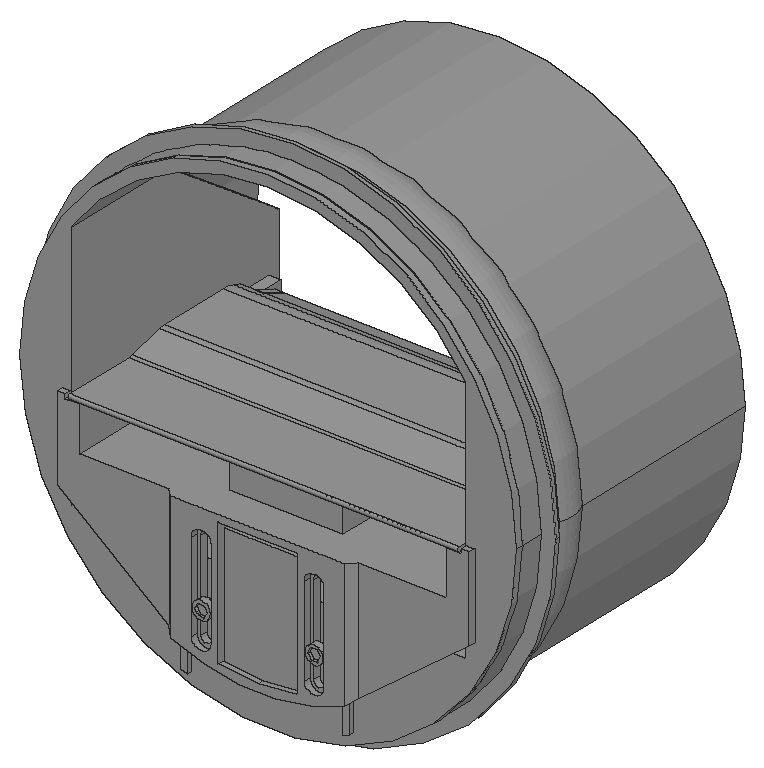
Revit family "CR 6 Inch Diameter", category Mechanical Equipment, Revit 2015
Parameters
  URL = "http://unitedenertech.com/catalog/pdf/L_2B,C%20Model%20CR.pdf"
  Type Comments = "6\" Diameter Model"
  Model = "CR"
  Manufacturer = "United Enertech Corporation"
  Description = "Precision/Flow Damper"
  Damper O.D. = 0' - 5.90095"
Reference planes (in)
  plane 1 "Center (Front/Back)": y = 0
  plane 2: z = 0
  plane 3 "Center (Left/Right)": x = 0
  plane 4: x = 2.95048
  plane 5: x = -2.95048
Forms (in)
  Extrusion 1, solid, material "Plastic, Opaque Black"
    sketch origin (0, 0, 0) x (1, 0, 0) y (0, 0, 1)
      loop
        circle (0, 0) r 2.95048
    from 0 to -1.45
  Extrusion 2, void
    sketch origin (0, 0, 0) x (1, 0, 0) y (0, 0, 1)
      loop
        line (2.34375, 0) -> (2.34375, 1.56595)
        arc (2.34375, 1.56595) -> (1.32879, 2.4859) -> (0, 2.81875) r 2.81875
        arc (0, 2.81875) -> (-1.32879, 2.4859) -> (-2.34375, 1.56595) r 2.81875
        line (-2.34375, 1.56595) -> (-2.34375, -1.38375) -> (0, -1.38375) -> (2.34375, -1.38375) -> (2.34375, 0)
    from 0 to -3.83307
  Extrusion 3, solid, material "Plastic, Opaque Black"
    sketch origin (0, 0, 0) x (0, 1, 0) y (0, 0, 1)
      loop
        line (1.45, 1.56595) -> (1.45, -1.63375) -> (2.675, -1.63375) -> (3.075, -1.23375) -> (3.075, 0.41595) -> (1.45, 1.56595)
    from 2.34375 to 2.42375
  Extrusion 4, solid, material "Plastic, Opaque Black"
    sketch origin (0, 0, 0) x (0, 1, 0) y (0, 0, -1)
      loop
        line (1.45, -1.56595) -> (3.075, -0.41595) -> (3.075, 1.23375) -> (2.675, 1.63375) -> (1.45, 1.63375) -> (1.45, -1.56595)
    from 2.34375 to 2.42375
  Extrusion 5, solid, material "Plastic, Opaque Black"
    sketch origin (0, 0, 0) x (0, 1, 0) y (0, 0, 1)
      loop
        line (1.45, -1.63375) -> (2.675, -1.63375) -> (2.675, -1.38375) -> (1.45, -1.38375) -> (1.45, -1.63375)
    from 2.34375 to -2.34375
  Extrusion 6, void
    sketch origin (0, 0, 0) x (1, 0, 0) y (0, 0, 1)
      loop
        line (-2.42375, 1.56595) -> (-2.42375, 1.67066)
        arc (-2.42375, 1.67066) -> (-2.84696, -0.74864) -> (-1.28843, -2.64681) r 2.94375
        arc (-1.28843, -2.64681) -> (2.23212, -1.91919) -> (2.42375, 1.67066) r 2.94375
        line (2.42375, 1.67066) -> (2.42375, -1.63375) -> (-2.42375, -1.63375) -> (-2.42375, 1.56595)
    from -0.31146 to -3.5842
  Extrusion 7, void
    sketch origin (0, 0, 0) x (1, 0, 0) y (0, 0, 1)
      loop
        arc (-2.42375, 1.52225) -> (-2.86213, 0) -> (-2.42375, -1.52225) r 2.86213
        line (-2.42375, -1.52225) -> (-2.42375, 1.52225)
      loop
        line (2.42375, 1.52225) -> (2.42375, -1.52225)
        arc (2.42375, -1.52225) -> (2.86213, 0) -> (2.42375, 1.52225) r 2.86213
      loop
        arc (-2.35004, -1.63375) -> (0, -2.86213) -> (2.35004, -1.63375) r 2.86213
        line (2.35004, -1.63375) -> (-2.35004, -1.63375)
    from -0.085 to -1.45
  Extrusion 8, solid, material "Plastic, Opaque Black"
    sketch origin (0, 0, 0) x (1, 0, 0) y (0, 0, 1)
      loop
        line (-2.44375, -1.17375) -> (-1.02975, -2.27121)
        arc (-1.02975, -2.27121) -> (-0.52676, -2.43748) -> (0, -2.49375) r 2.49375
        arc (0, -2.49375) -> (0.52676, -2.43748) -> (1.02975, -2.27121) r 2.49375
        line (1.02975, -2.27121) -> (2.44375, -1.17375) -> (2.44375, -0.17375) -> (2.35375, -0.17375) -> (2.35375, -0.22375) -> (2.18375, -0.22375) -> (2.18375, -0.75775) -> (-2.18375, -0.75775) -> (-2.18375, -0.22375) -> (-2.35375, -0.22375) -> (-2.35375, -0.17375) -> (-2.44375, -0.17375) -> (-2.44375, -1.17375)
    from 0 to 0.08
  Extrusion 9, solid, material "Plastic, Opaque Black"
    sketch origin (0, 0, 0) x (1, 0, 0) y (0, 0, 1)
      loop
        line (-1.00274, -1.63375) -> (-1.00274, -2.63586)
        arc (-1.00274, -2.63586) -> (-0.96285, -2.65069) -> (-0.92274, -2.66492) r 2.82015
        line (-0.92274, -2.66492) -> (-0.92274, -1.63375) -> (-1.00274, -1.63375)
    from 0 to 0.05168
  Extrusion 10, solid, material "Plastic, Opaque Black"
    sketch origin (0, 0, 0) x (-1, 0, 0) y (0, 0, -1)
      loop
        line (-1.00274, 1.63375) -> (-0.92274, 1.63375) -> (-0.92274, 2.66492)
        arc (-0.92274, 2.66492) -> (-0.96285, 2.65069) -> (-1.00274, 2.63586) r 2.82015
        line (-1.00274, 2.63586) -> (-1.00274, 1.63375)
    from 0 to 0.05168
  Blend 11, solid, material "Plastic, Opaque Black"
    base sketch origin (0, 0, 0) x (1, 0, 0) y (0, 0, 1)
      loop
        arc (-1.02975, -2.27121) -> (0, -2.49375) -> (1.02975, -2.27121) r 2.49375
        line (1.02975, -2.27121) -> (1.02975, -0.75775) -> (-1.02975, -0.75775) -> (-1.02975, -2.27121)
    top sketch origin (0, 0, 0) x (1, 0, 0) y (0, 0, 1)
      loop
        line (-1.02975, -0.75775) -> (-1.11975, -0.75775) -> (-1.11975, -2.20136) -> (-1.02975, -2.27121)
        arc (-1.02975, -2.27121) -> (0, -2.49375) -> (1.02975, -2.27121) r 2.49375
        line (1.02975, -2.27121) -> (1.11975, -2.20136) -> (1.11975, -0.75775) -> (1.02975, -0.75775) -> (-1.02975, -0.75775)
    from 0.16 to 0.08
  Extrusion 12, void
    sketch origin (0, 0, 0) x (1, 0, 0) y (0, 0, 1)
      loop
        line (0, -0.83775) -> (-0.47, -0.83775) -> (-0.47, -2.35225)
        arc (-0.47, -2.35225) -> (-0.23615, -2.3871) -> (0, -2.39875) r 2.39875
        arc (0, -2.39875) -> (0.23615, -2.3871) -> (0.47, -2.35225) r 2.39875
        line (0.47, -2.35225) -> (0.47, -0.83775) -> (0, -0.83775)
    from 0.08 to 0.16
  Extrusion 13, void
    sketch origin (0, 0, 0) x (1, 0, 0) y (0, 0, 1)
      loop
        line (-0.47, -0.83775) -> (-0.47, -0.93775) -> (0.47, -0.93775) -> (0.47, -0.83775) -> (-0.47, -0.83775)
    from 0 to 0.16
  Extrusion 14, void
    sketch origin (0, 0, 0) x (1, 0, 0) y (0, 0, 1)
      loop
        line (-0.738, -1.11125) -> (-0.738, -2.17208)
        arc (-0.738, -2.17208) -> (-0.6705, -2.23958) -> (-0.603, -2.17208) r 0.0675
        line (-0.603, -2.17208) -> (-0.603, -1.11125)
        arc (-0.603, -1.11125) -> (-0.6705, -1.04375) -> (-0.738, -1.11125) r 0.0675
      loop
        arc (0.738, -1.11125) -> (0.6705, -1.04375) -> (0.603, -1.11125) r 0.0675
        line (0.603, -1.11125) -> (0.603, -2.17208)
        arc (0.603, -2.17208) -> (0.6705, -2.23958) -> (0.738, -2.17208) r 0.0675
        line (0.738, -2.17208) -> (0.738, -1.11125)
    from 0 to 0.26809
  Extrusion 15, void
    sketch origin (0, 0, 0) x (1, 0, 0) y (0, 0, 1)
      loop
        line (-0.78878, -1.11125) -> (-0.78878, -2.17208)
        arc (-0.78878, -2.17208) -> (-0.6705, -2.29036) -> (-0.55222, -2.17208) r 0.11828
        line (-0.55222, -2.17208) -> (-0.55222, -1.11125)
        arc (-0.55222, -1.11125) -> (-0.6705, -0.99297) -> (-0.78878, -1.11125) r 0.11828
      loop
        arc (0.78878, -1.11125) -> (0.6705, -0.99297) -> (0.55222, -1.11125) r 0.11828
        line (0.55222, -1.11125) -> (0.55222, -2.17208)
        arc (0.55222, -2.17208) -> (0.6705, -2.29036) -> (0.78878, -2.17208) r 0.11828
        line (0.78878, -2.17208) -> (0.78878, -1.11125)
    from 0.08 to 0.26809
  Extrusion 16, solid, material "Aluminum"
    sketch origin (0, 0, 0.38301) x (1, 0, 0) y (0, 0, 1)
      loop
        circle (-0.6705, -2.23958) r 0.10606
    from 0.08 to 0.16
  Extrusion 17, solid, material "Aluminum"
    sketch origin (0, 0, -0.10606) x (1, 0, 0) y (0, 0, 1)
      loop
        circle (-0.6705, -1.75052) r 0.05796
    from 0 to 0.08
  Extrusion 18, void
    sketch origin (0, 0, 0) x (1, 0, 0) y (0, 0, 1)
      loop
        line (-0.62476, -1.79125) -> (-0.7042, -1.7843) -> (-0.74995, -1.84962) -> (-0.71624, -1.9219) -> (-0.6368, -1.92885) -> (-0.59105, -1.86352) -> (-0.62476, -1.79125)
    from 0.12205 to 0.26809
  Extrusion 19, solid, material "Aluminum"
    sketch origin (0, 0, 0.38301) x (-1, 0, 0) y (0, 0, -1)
      loop
        circle (-0.6705, 2.23958) r 0.10606
    from 0.08 to 0.16
  Extrusion 20, solid, material "Aluminum"
    sketch origin (0, 0, -0.10606) x (-1, 0, 0) y (0, 0, -1)
      loop
        circle (-0.6705, 1.75052) r 0.05796
    from 0 to 0.08
  Extrusion 21, void
    sketch origin (0, 0, 0) x (-1, 0, 0) y (0, 0, -1)
      loop
        line (-0.62476, 1.79125) -> (-0.59105, 1.86352) -> (-0.6368, 1.92885) -> (-0.71624, 1.9219) -> (-0.74995, 1.84962) -> (-0.7042, 1.7843) -> (-0.62476, 1.79125)
    from 0.12205 to 0.26809
  Extrusion 22, solid, material "Plastic, Opaque Black"
    sketch origin (0, 0, 0) x (1, 0, 0) y (0, 1, 0)
      loop
        line (-0.6725, 0.915) -> (-0.6725, 0.265) -> (0.6725, 0.265) -> (0.6725, 0.915) -> (-0.6725, 0.915)
    from -0.75775 to -0.31775
  Extrusion 23, solid, material "Plastic, Opaque Black"
    sketch origin (0, 0, 0) x (1, 0, 0) y (0, 0, 1)
      loop
        line (-2.34375, -0.22375) -> (-2.34375, -1.00775) -> (2.34375, -1.00775) -> (2.34375, -0.75775) -> (2.34375, -0.22375) -> (2.18375, -0.22375) -> (2.18375, -0.75775) -> (-2.18375, -0.75775) -> (-2.18375, -0.22375) -> (-2.34375, -0.22375)
    from -2.91717 to 0
  Extrusion 24, solid, material "Plastic, Opaque Black"
    sketch origin (0, 0, 0) x (0, 1, 0) y (0, 0, 1)
      loop
        arc (-0.05557, -0.17375) -> (-0.07998, -0.19906) -> (-0.05382, -0.22255) r 0.02443
        line (-0.05382, -0.22255) -> (0.82534, -0.22453)
        arc (0.82534, -0.22453) -> (0.8563, -0.22254) -> (0.88675, -0.2166) r 0.24181
        line (0.88675, -0.2166) -> (1.28312, -0.11252)
        arc (1.28312, -0.11252) -> (1.31381, -0.10654) -> (1.34502, -0.10453) r 0.24371
        line (1.34502, -0.10453) -> (2.23036, -0.10453)
        arc (2.23036, -0.10453) -> (2.2978, -0.11001) -> (2.36347, -0.1263) r 0.41795
        line (2.36347, -0.1263) -> (2.44483, -0.15363) -> (2.461, -0.10549) -> (2.37965, -0.07816)
        arc (2.37965, -0.07816) -> (2.306, -0.05989) -> (2.23036, -0.05375) r 0.46873
        line (2.23036, -0.05375) -> (1.34502, -0.05375)
        arc (1.34502, -0.05375) -> (1.30731, -0.05617) -> (1.27023, -0.06341) r 0.29449
        line (1.27023, -0.06341) -> (0.87385, -0.16749)
        arc (0.87385, -0.16749) -> (0.8498, -0.17218) -> (0.82534, -0.17375) r 0.19103
        line (0.82534, -0.17375) -> (-0.05557, -0.17375)
    from -2.31257 to 2.31257
  Extrusion 25, solid, material "Plastic, Opaque Black"
    sketch origin (0, 0, 0) x (0, 1, 0) y (0, 0, 1)
      loop
        line (2.461, -0.10549) -> (2.44483, -0.15363) -> (2.36347, -0.1263)
        arc (2.36347, -0.1263) -> (2.2978, -0.11001) -> (2.23036, -0.10453) r 0.41795
        line (2.23036, -0.10453) -> (1.34502, -0.10453)
        arc (1.34502, -0.10453) -> (1.31381, -0.10654) -> (1.28312, -0.11252) r 0.24371
        line (1.28312, -0.11252) -> (0.88675, -0.2166)
        arc (0.88675, -0.2166) -> (0.86576, -0.22113) -> (0.84446, -0.22377) r 0.24181
        line (0.84446, -0.22377) -> (-0.05382, -0.22255) -> (0.14264, -0.35993) -> (2.3582, -0.35993) -> (2.7537, -0.22375) -> (2.461, -0.10549)
    from 2.02394 to 2.12394
  Extrusion 26, solid, material "Plastic, Opaque Black"
    sketch origin (0, 0, 0) x (0, 1, 0) y (0, 0, -1)
      loop
        line (2.461, 0.10549) -> (2.7537, 0.22375) -> (2.3582, 0.35993) -> (0.14264, 0.35993) -> (-0.05382, 0.22255) -> (0.84446, 0.22377)
        arc (0.84446, 0.22377) -> (0.86576, 0.22113) -> (0.88675, 0.2166) r 0.24181
        line (0.88675, 0.2166) -> (1.28312, 0.11252)
        arc (1.28312, 0.11252) -> (1.31381, 0.10654) -> (1.34502, 0.10453) r 0.24371
        line (1.34502, 0.10453) -> (2.23036, 0.10453)
        arc (2.23036, 0.10453) -> (2.2978, 0.11001) -> (2.36347, 0.1263) r 0.41795
        line (2.36347, 0.1263) -> (2.44483, 0.15363) -> (2.461, 0.10549)
    from 2.02394 to 2.12394
  Extrusion 27, solid, material "Plastic, Opaque Black"
    sketch origin (0, 0, 0) x (0, 1, 0) y (0, 0, 1)
      loop
        line (2.461, -0.10549) -> (2.44483, -0.15363) -> (2.61838, -0.22375) -> (2.7537, -0.22375) -> (2.461, -0.10549)
    from -2.02394 to 2.02394
  Extrusion 28, solid, material "Plastic, Opaque Black"
    sketch origin (0, 0, 0) x (0, 1, 0) y (0, 0, 1)
      loop
        line (-0.05382, -0.22255) -> (0.08135, -0.31707) -> (0.09937, -0.2913) -> (0.00277, -0.22375) -> (-0.05382, -0.22255)
    from -2.02394 to 2.02394
  Extrusion 29, solid, material "Steel, Galvanized"
    sketch origin (0, 0, 0) x (1, 0, 0) y (0, 0, 1)
      loop
        circle (0, 0) r 2.91529
      loop
        circle (0, 0) r 2.89199
    from -3.42 to -0.085
  Extrusion 30, void
    sketch origin (0, 0, 0) x (1, 0, 0) y (0, 0, 1)
      loop
        circle (0, 0) r 2.86213
      loop
        circle (0, 0) r 3.25
    from -4.24575 to -0.085
  Extrusion 31, solid, material "Rubber, Black"
    sketch origin (0, 0, 0) x (1, 0, 0) y (0, 0, 1)
      loop
        circle (0, 0) r 2.95048
      loop
        circle (0, 0) r 2.91529
    from -0.621 to -0.085
  Extrusion 32, solid, material "Rubber, Black"
    sketch origin (0, 0, 0) x (1, 0, 0) y (0, 0, 1)
      loop
        circle (0, 0) r 2.95048
      loop
        circle (0, 0) r 3.125
    from -0.403 to -0.353
  Sweep 33, solid, material "Steel, Galvanized"
    path in 3D
      loop
        arc (-2.91529, 0.085, 0) -> (0, 0.085, -2.91529) -> (2.91529, 0.085, 0) r 2.91529
        arc (2.91529, 0.085, 0) -> (0, 0.085, 2.91529) -> (-2.91529, 0.085, 0) r 2.91529
    profile origin (0, 0.085, 2.91529) x (0, 0, -1) y (0, -1, 0)
      loop
        line (0, -0.924) -> (0, -0.536)
        arc (0, -0.536) -> (-0.05202, -0.73) -> (0, -0.924) r 0.38773
Cuts and joins
  Extrusion 2, Extrusion 6, Extrusion 7, Extrusion 12, Extrusion 14, Extrusion 15, Extrusion 18, Extrusion 30 cuts Extrusion 1
  Extrusion 6, Extrusion 7, Extrusion 12, Extrusion 14, Extrusion 15, Extrusion 18, Extrusion 30 cuts Extrusion 3
  Extrusion 6, Extrusion 7, Extrusion 12, Extrusion 14, Extrusion 15, Extrusion 18, Extrusion 30 cuts Extrusion 4
  Extrusion 6, Extrusion 7, Extrusion 12, Extrusion 14, Extrusion 15, Extrusion 18, Extrusion 30 cuts Extrusion 5
  joined: Extrusion 1, Extrusion 3, Extrusion 4, Extrusion 5
  Extrusion 12, Extrusion 13, Extrusion 14, Extrusion 15, Extrusion 18 cuts Extrusion 8
  Extrusion 12, Extrusion 13, Extrusion 14, Extrusion 15, Extrusion 18 cuts Blend 11
  joined: Extrusion 8, Blend 11, Extrusion 23
  Extrusion 18, Extrusion 21 cuts Extrusion 16
  Extrusion 18 cuts Extrusion 17
  Extrusion 21 cuts Extrusion 19
  joined: Extrusion 24, Extrusion 27
Lines and regions (in)
  sketch lines
    curve 1: arc (2.91529, 0.085, 0) -> (0, 0.085, 2.91529) -> (-2.91529, 0.085, 0) r 2.91529
    curve 2: arc (-2.91529, 0.085, 0) -> (0, 0.085, -2.91529) -> (2.91529, 0.085, 0) r 2.91529
Dimensions and locks (in)
  "Damper O.D.": plane 5 to plane 4
  aligned and locked: level to plane 2
Automatic sketch dimensions
  Extrusion 1 sketch curve to level = 0' - 0"
  Extrusion 1 sketch curve to plane 3 "Center (Left/Right)" = 0' - 0"
  Extrusion 2 sketch curve to Extrusion 2 sketch curve = 0' - 0"  (x2)
  Extrusion 2 sketch curve to plane 3 "Center (Left/Right)" = 0' - 0"  (x2)
  Extrusion 2 sketch curve to level = 0' - 0"  (x2)
  Extrusion 2 sketch curve to plane 5 = 0' - 0.60673"
  plane 4 to Extrusion 2 sketch curve = 0' - 0.60673"
  Extrusion 2 sketch curve to level = 0' - 1.38375"
  level to Extrusion 2 sketch curve = 0' - 1.56595"
  Extrusion 3 sketch curve to plane 1 "Center (Front/Back)" = 0' - 1.45"
  Extrusion 3 sketch curve to Extrusion 3 sketch curve = 0' - 1.225"
  level to Extrusion 3 sketch curve = 0' - 0.41595"
  Extrusion 3 sketch curve to Extrusion 3 sketch curve = 0' - 1 5/8"
  Extrusion 3 sketch curve to level = 0' - 1.23375"
  Extrusion 3 sketch curve to level = 0' - 1.63375"
  level to Extrusion 3 sketch curve = 0' - 1.56595"
  Extrusion 4 sketch curve to plane 1 "Center (Front/Back)" = 0' - 1.45"
  Extrusion 4 sketch curve to Extrusion 4 sketch curve = 0' - 1.225"
  level to Extrusion 4 sketch curve = 0' - 0.41595"
  Extrusion 4 sketch curve to Extrusion 4 sketch curve = 0' - 1 5/8"
  level to Extrusion 4 sketch curve = 0' - 1.56595"
  Extrusion 4 sketch curve to level = 0' - 1.23375"
  Extrusion 4 sketch curve to Extrusion 4 sketch curve = 0' - 0.4"
  Extrusion 5 sketch curve to plane 1 "Center (Front/Back)" = 0' - 1.45"
  Extrusion 5 sketch curve to Extrusion 5 sketch curve = 0' - 1.225"
  Extrusion 5 sketch curve to level = 0' - 1.63375"
  Extrusion 5 sketch curve to Extrusion 5 sketch curve = 0' - 0 1/4"
  Extrusion 6 sketch curve to Extrusion 6 sketch curve = 0' - 0"  (x2)
  Extrusion 6 sketch curve to level = 0' - 0"
  Extrusion 6 sketch curve to plane 3 "Center (Left/Right)" = 0' - 0"
  Extrusion 6 sketch curve to plane 5 = 0' - 0.52673"
  plane 4 to Extrusion 6 sketch curve = 0' - 0.52673"
  Extrusion 6 sketch curve to level = 0' - 1.63375"
  level to Extrusion 6 sketch curve = 0' - 1.56595"
  Extrusion 6 sketch curve to Extrusion 6 sketch curve = 0' - 0.10471"
  Extrusion 6 sketch curve to plane 3 "Center (Left/Right)" = 0' - 1.28843"
  Extrusion 7 sketch curve to Extrusion 7 sketch curve = 0' - 0"  (x6)
  Extrusion 7 sketch curve to level = 0' - 0"
  Extrusion 7 sketch curve to plane 3 "Center (Left/Right)" = 0' - 0"
  Extrusion 7 sketch curve to plane 5 = 0' - 0.60044"
  Extrusion 7 sketch curve to Extrusion 7 sketch curve = 0' - 0.07371"  (x2)
  Extrusion 7 sketch curve to level = 0' - 1.52225"  (x2)
  Extrusion 7 sketch curve to Extrusion 7 sketch curve = 0' - 0.1115"
  Extrusion 8 sketch curve to Extrusion 8 sketch curve = 0' - 0"  (x2)
  Extrusion 8 sketch curve to level = 0' - 0"
  Extrusion 8 sketch curve to plane 3 "Center (Left/Right)" = 0' - 0"
  Extrusion 8 sketch curve to plane 3 "Center (Left/Right)" = 0' - 1.02975"
  Extrusion 8 sketch curve to level = 0' - 0.22375"  (x2)
  Extrusion 8 sketch curve to plane 5 = 0' - 0.76673"
  Extrusion 8 sketch curve to Extrusion 8 sketch curve = 0' - 0.17"  (x2)
  Extrusion 8 sketch curve to Extrusion 8 sketch curve = 0' - 0.26"
  plane 3 "Center (Left/Right)" to Extrusion 8 sketch curve = 0' - 1.02975"
  plane 4 to Extrusion 8 sketch curve = 0' - 0.76673"
  Extrusion 8 sketch curve to Extrusion 8 sketch curve = 0' - 0.09"
  Extrusion 8 sketch curve to level = 0' - 0.75775"
  Extrusion 8 sketch curve to Extrusion 8 sketch curve = 0' - 0.416"  (x2)
  Extrusion 8 sketch curve to Extrusion 8 sketch curve = 0' - 1.09746"
  Extrusion 8 sketch curve to Extrusion 8 sketch curve = 0' - 0.05"  (x2)
  Extrusion 9 sketch curve to level = 0' - 0"
  Extrusion 9 sketch curve to plane 3 "Center (Left/Right)" = 0' - 0"
  Extrusion 9 sketch curve to plane 3 "Center (Left/Right)" = 0' - 0.92274"
  Extrusion 9 sketch curve to Extrusion 9 sketch curve = 0' - 0.08"
  Extrusion 9 sketch curve to level = 0' - 1.63375"
  Extrusion 9 sketch curve to Extrusion 9 sketch curve = 0' - 1.00211"
  Extrusion 10 sketch curve to level = 0' - 0"
  Extrusion 10 sketch curve to plane 3 "Center (Left/Right)" = 0' - 0"
  Extrusion 10 sketch curve to plane 3 "Center (Left/Right)" = 0' - 0.92274"
  Extrusion 10 sketch curve to Extrusion 10 sketch curve = 0' - 0.08"
  level to Extrusion 10 sketch curve = 0' - 1.63375"
  Extrusion 10 sketch curve to Extrusion 10 sketch curve = 0' - 1.00211"
  Blend 11 sketch curve to level = 0' - 0"  (x2)
  Blend 11 sketch curve to plane 3 "Center (Left/Right)" = 0' - 0"  (x2)
  Blend 11 sketch curve to plane 3 "Center (Left/Right)" = 0' - 1.02975"  (x3)
  plane 3 "Center (Left/Right)" to Blend 11 sketch curve = 0' - 1.02975"  (x3)
  Blend 11 sketch curve to level = 0' - 0.75775"  (x2)
  Blend 11 sketch curve to Blend 11 sketch curve = 0' - 1.51346"
  Blend 11 sketch curve to Blend 11 sketch curve = 0' - 0.09"  (x2)
  Blend 11 sketch curve to Blend 11 sketch curve = 0' - 1.44361"  (x2)
  Blend 11 sketch curve to Blend 11 sketch curve = 0' - 0.06985"
  Extrusion 12 sketch curve to Extrusion 12 sketch curve = 0' - 0"  (x2)
  Extrusion 12 sketch curve to plane 3 "Center (Left/Right)" = 0' - 0"  (x2)
  Extrusion 12 sketch curve to level = 0' - 0"
  Extrusion 12 sketch curve to plane 3 "Center (Left/Right)" = 0' - 0.47"
  Extrusion 12 sketch curve to Extrusion 12 sketch curve = 0' - 0.47"
  Extrusion 12 sketch curve to level = 0' - 0.83775"
  Extrusion 12 sketch curve to Extrusion 12 sketch curve = 0' - 1.5145"
  Extrusion 13 sketch curve to plane 3 "Center (Left/Right)" = 0' - 0.47"
  plane 3 "Center (Left/Right)" to Extrusion 13 sketch curve = 0' - 0.47"
  Extrusion 13 sketch curve to level = 0' - 0.93775"
  Extrusion 13 sketch curve to Extrusion 13 sketch curve = 0' - 0.1"
  Extrusion 14 sketch curve to plane 3 "Center (Left/Right)" = 0' - 0.738"
  Extrusion 14 sketch curve to Extrusion 14 sketch curve = 0' - 0.0675"  (x2)
  plane 3 "Center (Left/Right)" to Extrusion 14 sketch curve = 0' - 0.603"
  Extrusion 14 sketch curve to level = 0' - 2.17208"
  Extrusion 14 sketch curve to Extrusion 14 sketch curve = 0' - 0"
  Extrusion 14 sketch curve to Extrusion 14 sketch curve = 0' - 1.06083"  (x2)
  Extrusion 15 sketch curve to plane 3 "Center (Left/Right)" = 0' - 0.78878"
  Extrusion 15 sketch curve to Extrusion 15 sketch curve = 0' - 0.11828"  (x2)
  plane 3 "Center (Left/Right)" to Extrusion 15 sketch curve = 0' - 0.55222"
  Extrusion 15 sketch curve to level = 0' - 2.17208"
  Extrusion 15 sketch curve to Extrusion 15 sketch curve = 0' - 0"
  Extrusion 15 sketch curve to Extrusion 15 sketch curve = 0' - 1.06083"  (x2)
  Extrusion 16 sketch curve to plane 3 "Center (Left/Right)" = 0' - 0.6705"
  Extrusion 16 sketch curve to level = 0' - 1.85657"
  Extrusion 17 sketch curve to plane 3 "Center (Left/Right)" = 0' - 0.6705"
  Extrusion 17 sketch curve to level = 0' - 1.85657"
  Extrusion 18 sketch curve to plane 3 "Center (Left/Right)" = 0' - 0.74995"
  Extrusion 18 sketch curve to Extrusion 18 sketch curve = 0' - 0.0337"
  Extrusion 18 sketch curve to Extrusion 18 sketch curve = 0' - 0.04574"  (x2)
  Extrusion 18 sketch curve to Extrusion 18 sketch curve = 0' - 0.07945"  (x2)
  Extrusion 18 sketch curve to level = 0' - 1.92885"
  Extrusion 18 sketch curve to Extrusion 18 sketch curve = 0' - 0.00695"
  Extrusion 18 sketch curve to Extrusion 18 sketch curve = 0' - 0.06533"  (x2)
  Extrusion 18 sketch curve to Extrusion 18 sketch curve = 0' - 0.07228"  (x2)
  Extrusion 19 sketch curve to plane 3 "Center (Left/Right)" = 0' - 0.6705"
  level to Extrusion 19 sketch curve = 0' - 1.85657"
  Extrusion 20 sketch curve to plane 3 "Center (Left/Right)" = 0' - 0.6705"
  level to Extrusion 20 sketch curve = 0' - 1.85657"
  Extrusion 21 sketch curve to plane 3 "Center (Left/Right)" = 0' - 0.74995"
  Extrusion 21 sketch curve to Extrusion 21 sketch curve = 0' - 0.0337"
  Extrusion 21 sketch curve to Extrusion 21 sketch curve = 0' - 0.04574"  (x2)
  Extrusion 21 sketch curve to Extrusion 21 sketch curve = 0' - 0.07945"  (x2)
  level to Extrusion 21 sketch curve = 0' - 1.92885"
  Extrusion 21 sketch curve to Extrusion 21 sketch curve = 0' - 0.00695"
  Extrusion 21 sketch curve to Extrusion 21 sketch curve = 0' - 0.06533"  (x2)
  Extrusion 21 sketch curve to Extrusion 21 sketch curve = 0' - 0.07228"  (x2)
  Extrusion 22 sketch curve to plane 1 "Center (Front/Back)" = 0' - 0.265"
  Extrusion 22 sketch curve to plane 3 "Center (Left/Right)" = 0' - 0.6725"
  plane 3 "Center (Left/Right)" to Extrusion 22 sketch curve = 0' - 0.6725"
  Extrusion 22 sketch curve to Extrusion 22 sketch curve = 0' - 0.65"
  Extrusion 23 sketch curve to level = 0' - 0.22375"  (x2)
  Extrusion 23 sketch curve to plane 5 = 0' - 0.60673"
  Extrusion 23 sketch curve to Extrusion 23 sketch curve = 0' - 0.16"  (x2)
  plane 4 to Extrusion 23 sketch curve = 0' - 0.76673"
  Extrusion 23 sketch curve to Extrusion 23 sketch curve = 0' - 0.534"  (x2)
  Extrusion 23 sketch curve to Extrusion 23 sketch curve = 0' - 0 1/4"
  Extrusion 24 sketch curve to Extrusion 24 sketch curve = 0' - 0"  (x6)
  plane 1 "Center (Front/Back)" to Extrusion 24 sketch curve = 0' - 0.05557"
  Extrusion 24 sketch curve to Extrusion 24 sketch curve = 0' - 0.00175"
  Extrusion 24 sketch curve to level = 0' - 0.22453"
  Extrusion 24 sketch curve to plane 1 "Center (Front/Back)" = 0' - 0.82534"
  Extrusion 24 sketch curve to level = 0' - 0.16749"
  Extrusion 24 sketch curve to Extrusion 24 sketch curve = 0' - 0.04852"
  Extrusion 24 sketch curve to level = 0' - 0.2166"
  Extrusion 24 sketch curve to Extrusion 24 sketch curve = 0' - 0.0129"  (x2)
  Extrusion 24 sketch curve to level = 0' - 0.06341"
  Extrusion 24 sketch curve to Extrusion 24 sketch curve = 0' - 0.39637"
  Extrusion 24 sketch curve to level = 0' - 0.11252"
  Extrusion 24 sketch curve to Extrusion 24 sketch curve = 0' - 0.0619"
  Extrusion 24 sketch curve to Extrusion 24 sketch curve = 0' - 0.88534"
  Extrusion 24 sketch curve to level = 0' - 0.1263"
  Extrusion 24 sketch curve to Extrusion 24 sketch curve = 0' - 0.13311"
  Extrusion 24 sketch curve to level = 0' - 0.07816"
  Extrusion 24 sketch curve to level = 0' - 0.15363"
  Extrusion 24 sketch curve to Extrusion 24 sketch curve = 0' - 0.08136"
  Extrusion 24 sketch curve to Extrusion 24 sketch curve = 0' - 0.23572"
  Extrusion 24 sketch curve to Extrusion 24 sketch curve = 0' - 0.0488"
  plane 1 "Center (Front/Back)" to Extrusion 25 sketch curve = 0' - 0.05382"
  Extrusion 25 sketch curve to plane 1 "Center (Front/Back)" = 0' - 0.14264"
  level to Extrusion 25 sketch curve = 0' - 0.01728"
  Extrusion 25 sketch curve to Extrusion 25 sketch curve = 0' - 0.68269"
  Extrusion 25 sketch curve to level = 0' - 0.22377"
  Extrusion 25 sketch curve to Extrusion 25 sketch curve = 0' - 0.01912"
  Extrusion 25 sketch curve to level = 0' - 0.2166"
  Extrusion 25 sketch curve to level = 0' - 0.11252"
  Extrusion 25 sketch curve to Extrusion 25 sketch curve = 0' - 0.39637"
  Extrusion 25 sketch curve to Extrusion 25 sketch curve = 0' - 0.0619"
  Extrusion 25 sketch curve to Extrusion 25 sketch curve = 0' - 0.88534"
  Extrusion 25 sketch curve to Extrusion 25 sketch curve = 0' - 0.12784"
  Extrusion 25 sketch curve to level = 0' - 0.1263"
  Extrusion 25 sketch curve to Extrusion 25 sketch curve = 0' - 0.13311"
  Extrusion 25 sketch curve to level = 0' - 0.15363"
  Extrusion 25 sketch curve to Extrusion 25 sketch curve = 0' - 0.08136"
  Extrusion 25 sketch curve to level = 0' - 0.10549"
  Extrusion 25 sketch curve to level = 0' - 0.22375"
  Extrusion 25 sketch curve to Extrusion 25 sketch curve = 0' - 0.2927"
  Extrusion 25 sketch curve to Extrusion 25 sketch curve = 0' - 0.23572"
  Extrusion 25 sketch curve to level = 0' - 0.35993"
  Extrusion 25 sketch curve to level = 0' - 0.22255"
  plane 1 "Center (Front/Back)" to Extrusion 26 sketch curve = 0' - 0.05382"
  Extrusion 26 sketch curve to plane 1 "Center (Front/Back)" = 0' - 0.14264"
  level to Extrusion 26 sketch curve = 0' - 0.01728"
  Extrusion 26 sketch curve to Extrusion 26 sketch curve = 0' - 0.68269"
  Extrusion 26 sketch curve to level = 0' - 0.22377"
  Extrusion 26 sketch curve to Extrusion 26 sketch curve = 0' - 0.01912"
  Extrusion 26 sketch curve to level = 0' - 0.2166"
  Extrusion 26 sketch curve to level = 0' - 0.11252"
  Extrusion 26 sketch curve to Extrusion 26 sketch curve = 0' - 0.39637"
  Extrusion 26 sketch curve to Extrusion 26 sketch curve = 0' - 0.0619"
  Extrusion 26 sketch curve to Extrusion 26 sketch curve = 0' - 0.88534"
  Extrusion 26 sketch curve to Extrusion 26 sketch curve = 0' - 0.12784"
  Extrusion 26 sketch curve to level = 0' - 0.1263"
  Extrusion 26 sketch curve to Extrusion 26 sketch curve = 0' - 0.13311"
  Extrusion 26 sketch curve to level = 0' - 0.15363"
  Extrusion 26 sketch curve to Extrusion 26 sketch curve = 0' - 0.08136"
  Extrusion 26 sketch curve to level = 0' - 0.10549"
  Extrusion 26 sketch curve to level = 0' - 0.22375"
  Extrusion 26 sketch curve to Extrusion 26 sketch curve = 0' - 0.2927"
  Extrusion 26 sketch curve to level = 0' - 0.10453"
  Extrusion 26 sketch curve to level = 0' - 0.22255"
  Extrusion 26 sketch curve to Extrusion 26 sketch curve = 0' - 0.13738"
  Extrusion 27 sketch curve to level = 0' - 0.15363"
  Extrusion 27 sketch curve to plane 1 "Center (Front/Back)" = 0' - 2.44483"
  Extrusion 27 sketch curve to level = 0' - 0.10549"
  Extrusion 27 sketch curve to Extrusion 27 sketch curve = 0' - 0.01617"
  Extrusion 27 sketch curve to level = 0' - 0.22375"
  Extrusion 27 sketch curve to Extrusion 27 sketch curve = 0' - 0.17355"
  Extrusion 27 sketch curve to Extrusion 27 sketch curve = 0' - 0.13532"
  plane 1 "Center (Front/Back)" to Extrusion 28 sketch curve = 0' - 0.05382"
  Extrusion 28 sketch curve to plane 1 "Center (Front/Back)" = 0' - 0.00277"
  Extrusion 28 sketch curve to plane 1 "Center (Front/Back)" = 0' - 0.08135"
  Extrusion 28 sketch curve to Extrusion 28 sketch curve = 0' - 0.01802"
  Extrusion 28 sketch curve to level = 0' - 0.31707"
  Extrusion 28 sketch curve to Extrusion 28 sketch curve = 0' - 0.02577"
  Extrusion 29 sketch curve to Extrusion 29 sketch curve = 0' - 0"  (x2)
  Extrusion 29 sketch curve to level = 0' - 0"
  Extrusion 29 sketch curve to plane 3 "Center (Left/Right)" = 0' - 0"
  Extrusion 30 sketch curve to Extrusion 30 sketch curve = 0' - 0"  (x2)
  Extrusion 30 sketch curve to level = 0' - 0"
  Extrusion 30 sketch curve to plane 3 "Center (Left/Right)" = 0' - 0"
  Extrusion 31 sketch curve to Extrusion 31 sketch curve = 0' - 0"  (x2)
  Extrusion 31 sketch curve to level = 0' - 0"
  Extrusion 31 sketch curve to plane 3 "Center (Left/Right)" = 0' - 0"
  Extrusion 32 sketch curve to Extrusion 32 sketch curve = 0' - 0"  (x2)
  Extrusion 32 sketch curve to level = 0' - 0"
  Extrusion 32 sketch curve to plane 3 "Center (Left/Right)" = 0' - 0"
  Sweep 33 sketch curve to profile plane = 0' - 0"
  Sweep 33 sketch curve to profile plane = 0' - 0.73"
  Sweep 33 sketch curve to profile plane = 0' - 0.33571"
  Sweep 33 sketch curve to profile plane = 0' - 0.924"
  radius of Extrusion 1 sketch curve = 0' - 2.95048"
  radius of Extrusion 16 sketch curve = 0' - 0.10606"
  radius of Extrusion 17 sketch curve = 0' - 0.05796"
  radius of Extrusion 19 sketch curve = 0' - 0.10606"
  radius of Extrusion 20 sketch curve = 0' - 0.05796"
  radius of Extrusion 29 sketch curve = 0' - 2.91529"
  radius of Extrusion 29 sketch curve = 0' - 2.89199"
  radius of Extrusion 30 sketch curve = 0' - 2.86213"
  radius of Extrusion 30 sketch curve = 0' - 3 1/4"
  radius of Extrusion 31 sketch curve = 0' - 2.95048"
  radius of Extrusion 31 sketch curve = 0' - 2.91529"
  radius of Extrusion 32 sketch curve = 0' - 2.95048"
  radius of Extrusion 32 sketch curve = 0' - 3 1/8"
